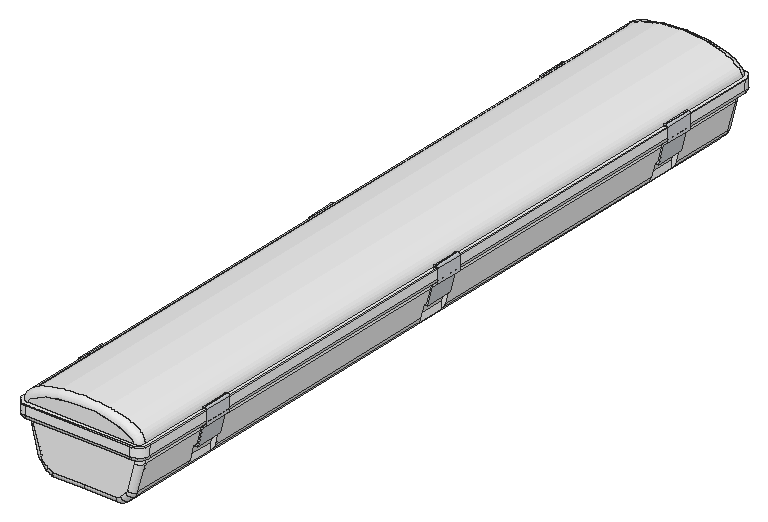
Revit family "0048736 Feilo Sylvania Lighting Fixture SYLPRF SUP LED G3 600MM S 4K QC D", category Lighting Fixtures, host Face, Revit 2016
Family settings
  Host = Face
  Part Type = Normal
  Round Connector Dimension = Use Diameter
  OmniClass Number = 23.80.70.11.14
  OmniClass Title = General Luminaries, Directional
  Cut with Voids When Loaded = No
  Light Source = Yes
  Shared = No
  Room Calculation Point = No
Parameters (values of type "0048736 SYLPRF SUP LED G3 600MM S 4K QC D")
  Width = 110 mm
  Weight = "1.12 kg"
  Wattage Comments = "n/a"
  Wattage = 14 W
  WarrantyStartDate [instance] = "n/a"
  WarrantyGuarantorParts = "n/a"
  WarrantyDurationUnit = "n/a"
  WarrantyDurationParts = "n/a"
  WarrantyDescription = "n/a"
  built-in parameter 1150110 = 1 (stored number, unit not read)
  Voltage = 230 V
  URL = "http://www.sylvania-lighting.com"
  TypeName = "SYLPRF SUP LED G3 600MM S 4K QC D"
  Type Image = <None>
  Type Comments = "n/a"
  built-in parameter 1114217 = 1 (stored number, unit not read)
  Tilt Angle = -90.00°
  built-in parameter 1150109 = 1 (stored number, unit not read)
  built-in parameter 1150134 = 12
  built-in parameter 1150113 = 1 (stored number, unit not read)
  SerialNumber [instance] = "n/a"
  ReflectorMaterial = none
  PowerFactor = 0
  PowerConsumption = "14 W"
  Photometric Web File = "0048736.ies"
  NominalWidth = 0 mm
  NominalLength = 665 mm
  NominalHeight = 78 mm
  Name = "SYLPRF SUP LED G3 600MM S 4K QC D"
  ModelReference = "SYLPRF SUP LED G3 600MM S 4K QC D"
  ModelNumber = "0048736"
  Model = "SYLPRF SUP LED G3 600MM S 4K QC D"
  Material = "grp housing, polycarbonate diffuser"
  ManufacturerName = "Feilo Sylvania"
  Manufacturer = "Feilo Sylvania"
  LuminousEfficacy = "130 lm/W"
  built-in parameter 1150105 = 144.83 (stored number, unit not read)
  Lumens = 1820 lm
  LuminaireType = ""
  built-in parameter 1150115 = 1 (stored number, unit not read)
  LightOutputRatio = "n/a"
  built-in parameter 1150137 = (empty or 0)
  built-in parameter 1150139 = (empty or 0)
  Length = 665 mm
  LampsType = Lamp  # "LED"
  LampNominalLuminous = "1850 lm"
  LampMacAdamStep = "3"
  LampColourTemperature = "4000 K"
  LampColourRenderingIndex = "80"
  built-in parameter 1150112 = 1 (stored number, unit not read)
  built-in parameter 1150114 = 1 (stored number, unit not read)
  Lamp = "LED"
  Keynote = "16500"
  InstallationDate [instance] = "n/a"
  InputVoltage = "220-240V~"
  InputNominalFrequency = "DC/50/60 Hz"
  built-in parameter 1150132 = (empty or 0)
  built-in parameter 1150102 = (empty or 0)
  built-in parameter 1150107 = 4000 (stored number, unit not read)
  built-in parameter 1150138 = (empty or 0)
  IngressProtection = "IP65"
  ImpactProtectionIndex = "IK08"
  built-in parameter 1150106 = 1.4483 (stored number, unit not read)
  IfcExportType = "IfcLightFixtureType"
  IfcExportAs = "IfcLightFixtureType"
  ExpectedLife = 50000
  Emit from Rectangle Width = Width - 20 mm  # 90 mm
  Emit from Rectangle Length = Length - 20 mm  # 645 mm
  Emit Shape Visible in Rendering = no
  ElectricShockClassification = "Class I"
  built-in parameter 1150104 = 12.077 (stored number, unit not read)
  DurationUnit = "hours"
  DocumentationLiterature = "http://www.sylvania-lighting.com/product/en-int/products/0048736"
  DimmingControlOptions = "Dimmable"
  Dimming Lamp Color Temperature Shift = <None>
  DiffuserMaterial = Diffuser-Sylvania-Transparent
  Description = "Sylproof Superia, integrated LED weatherproof luminaire with quick connector, with UV stabilized flat diffuser and linear prisms designed to achieve uniform lit appearance, optimise light output and to reduce glare, stainless steel diffuser clips and fixing brackets for surface and wall mounting. L 665 mm x W 110 mm x H 78 mm size, GRP housing, Polycarbonate diffuser, DALI dimmable, 4000K, CRI80,  1850 lm, 14 W, 130 lm/W, nominal average life (h):50000, energy class: A++ A+ A Class I, IK08, IP65."
  Default Elevation = 1219.2 mm
  CreatedOn = "3/27/2018"
  CreatedBy = "aron.fodor@feilosylvania.com"
  Cost = 0
  Color Filter = 16777215
  built-in parameter 1114216 [instance] = (empty or 0)
  ClassificationValue = "EF_70_80"
  ClassificationName = "Uniclass2015"
  BracketOffset_FEILO = 360 mm
  BodyMaterial = Body-Sylvania-Gray
  BarCode [instance] = "n/a"
  built-in parameter 1114218 = 1 (stored number, unit not read)
  built-in parameter 1150133 = 10 (stored number, unit not read)
  AssetType = "Fixed"
  AssetIdentifier [instance] = "n/a"
  Assembly Code = "D5020200"
  Apparent Load = 14 VA
  AccessoryMaterial = Diffuser-Sylvania-Glow
Reference planes
  plane 1 "Center (Front/Back)": y = 0
  plane 2: z = 0
  plane 3 "Center (Left/Right)": x = 0
  plane 4: z = 54
  plane 5: x = -27.7
  plane 6: x = -34.8
  plane 7: x = -39.6
  plane 8: x = -42.2
  plane 9: z = 3
  plane 10: z = 7.8
  plane 11: z = 12.3
  plane 12: z = 36.6
  plane 13: z = 42.8
  plane 14: x = -51.1
  plane 15: z = 46.2
  plane 16: x = -55
  plane 17: y = 332.5
  plane 18: y = -332.5
  plane 19: x = 27.7
  plane 20: x = 34.8
  plane 21: x = 39.6
  plane 22: x = 42.2
  plane 23: x = 51.1
  plane 24: x = 55
  plane 25: y = 324.9
  plane 26: y = -324.9
  plane 27: y = -321.2
  plane 28: y = 321.2
  plane 29: z = 74
  plane 30: x = -51.5
  plane 31: x = 51.5
  plane 32: z = 55.2
  plane 33: y = -329
  plane 34: y = 329
  plane 35: x = -37.5
  plane 36: x = 37.5
  plane 37: x = -48.7
  plane 38: x = 48.7
  plane 39: z = 50.2
  plane 40: z = 24.6
  plane 41: y = 720
  plane 42: y = 706
  plane 43: y = 734
  plane 44: y = 250
  plane 45: y = 236
  plane 46: y = 264
  plane 47: y = 0
  plane 48: y = -14
  plane 49: y = 14
  plane 50: y = -250
  plane 51: y = -264
  plane 52: y = -236
Forms (mm)
  Sweep 1, solid, material "Body-Sylvania-Gray" <- "BodyMaterial", detail levels medium+fine
    path origin (1223.4, -4572, 54) x (0, -1, 0) y (1, 0, 0)
      loop
        arc (-4249.5, -1278.4) -> (-4242.429, -1275.471) -> (-4239.5, -1268.4) r 10
        line (-4239.5, -1268.4) -> (-4239.5, -1178.4)
        arc (-4239.5, -1178.4) -> (-4242.429, -1171.329) -> (-4249.5, -1168.4) r 10
        line (-4249.5, -1168.4) -> (-4894.5, -1168.4)
        arc (-4894.5, -1168.4) -> (-4901.571, -1171.329) -> (-4904.5, -1178.4) r 10
        line (-4904.5, -1178.4) -> (-4904.5, -1268.4)
        arc (-4904.5, -1268.4) -> (-4901.571, -1275.471) -> (-4894.5, -1278.4) r 10
        line (-4894.5, -1278.4) -> (-4249.5, -1278.4)
    profile origin (-55, 0, 54) x (-1, 0, 0) y (0, 0, 1)
      loop
        line (0, 0) -> (-1, 0) -> (-1, -7.726)
        arc (-1, -7.726) -> (-1.994, -9.498) -> (-3.9, -10.2) r 2.937
        line (-3.9, -10.2) -> (-8.571, -10.2) -> (-8.571, -11.2) -> (-3.9, -11.2)
        arc (-3.9, -11.2) -> (-1.313, -10.231) -> (0, -7.8) r 3.937
        line (0, -7.8) -> (0, 0)
  Sweep 2, solid, material "Body-Sylvania-Gray" <- "BodyMaterial", detail levels medium+fine
    path origin (0, 0, 0) x (1, 0, 0) y (0, 0, 1)
      loop
        line (48.7, 42.8) -> (48.7, 36.6) -> (42.203, 12.31)
        arc (42.203, 12.31) -> (41.199, 9.884) -> (39.6, 7.8) r 10.052
        line (39.6, 7.8) -> (34.8, 3)
        arc (34.8, 3) -> (31.554, 0.781) -> (27.7, 0) r 9.902
        line (27.7, 0) -> (0, 0) -> (-27.7, 0)
        arc (-27.7, 0) -> (-31.554, 0.781) -> (-34.8, 3) r 9.902
        line (-34.8, 3) -> (-39.6, 7.8)
        arc (-39.6, 7.8) -> (-41.199, 9.884) -> (-42.203, 12.31) r 10.052
        line (-42.203, 12.31) -> (-48.7, 36.6) -> (-48.7, 42.8)
    profile origin (0, 0, 0) x (0, 0, -1) y (0, -1, 0)
      loop
        arc (0, 319.9) -> (-1.464, 323.436) -> (-5, 324.9) r 5
        line (-5, 324.9) -> (-7.8, 324.9) -> (-7.8, -324.9) -> (-5, -324.9)
        arc (-5, -324.9) -> (-1.464, -323.436) -> (0, -319.9) r 5
        line (0, -319.9) -> (0, 319.9)
  Extrusion 3, solid, material "Body-Sylvania-Gray" <- "BodyMaterial", detail levels medium+fine
    sketch origin (1524, 324.9, 1219.2) x (1, 0, 0) y (0, 0, 1)
      loop
        arc (-1558.668, -1204.874) -> (-1558.443, -1205.418) -> (-1558.085, -1205.885) r 2.252
        line (-1558.085, -1205.885) -> (-1553.231, -1210.738)
        arc (-1553.231, -1210.738) -> (-1552.534, -1211.227) -> (-1551.7, -1211.4) r 2.102
        line (-1551.7, -1211.4) -> (-1496.3, -1211.4)
        arc (-1496.3, -1211.4) -> (-1495.466, -1211.227) -> (-1494.769, -1210.738) r 2.102
        line (-1494.769, -1210.738) -> (-1489.915, -1205.885)
        arc (-1489.915, -1205.885) -> (-1489.557, -1205.418) -> (-1489.332, -1204.874) r 2.252
        line (-1489.332, -1204.874) -> (-1483.1, -1181.575) -> (-1483.1, -1176.4) -> (-1564.9, -1176.4) -> (-1564.9, -1181.575) -> (-1558.668, -1204.874)
    from 0 to 649.8
  Sweep 4, solid, material "Diffuser-Sylvania-Transparent" <- "DiffuserMaterial", detail levels medium+fine
    path origin (0, 0, 0) x (1, 0, 0) y (0, 0, 1)
      loop
        spline (-51.5, 55.2) -> (-49.745, 60.066) -> (-44.6, 64.6) -> (-36.416, 68.494) -> (-25.75, 71.481) -> (-13.329, 73.359) -> (0, 74) -> (13.329, 73.359) -> (25.75, 71.481) -> (36.416, 68.494) -> (44.6, 64.6) -> (49.745, 60.066) -> (51.5, 55.2)
    profile origin (51.5, 0, 55.2) x (0, -1, 0) y (1, 0, 0)
      loop
        arc (329, -5.5) -> (327.389, -1.611) -> (323.5, 0) r 5.5
        line (323.5, 0) -> (-323.5, 0)
        arc (-323.5, 0) -> (-327.389, -1.611) -> (-329, -5.5) r 5.5
        line (-329, -5.5) -> (-329, -6.3) -> (-328, -6.3) -> (-328, -5.5)
        arc (-328, -5.5) -> (-326.682, -2.318) -> (-323.5, -1) r 4.5
        line (-323.5, -1) -> (323.5, -1)
        arc (323.5, -1) -> (326.682, -2.318) -> (328, -5.5) r 4.5
        line (328, -5.5) -> (328, -6.347) -> (329, -6.347) -> (329, -5.5)
  Extrusion 5, solid, material "Diffuser-Sylvania-Transparent" <- "DiffuserMaterial", detail levels medium+fine
    sketch origin (1524, -329, 1219.2) x (1, 0, 0) y (0, 0, 1)
      loop
        line (-1569.653, -1164) -> (-1478.347, -1164)
        spline (-1478.347, -1164) -> (-1478.969, -1162.594) -> (-1482.527, -1159.545) -> (-1489.588, -1156.201) -> (-1499.458, -1153.445) -> (-1511.242, -1151.663) -> (-1524, -1151.049) -> (-1536.758, -1151.663) -> (-1548.542, -1153.445) -> (-1558.412, -1156.201) -> (-1565.473, -1159.545) -> (-1569.031, -1162.594) -> (-1569.653, -1164)
    from 0 to -1
  Extrusion 6, solid, material "Diffuser-Sylvania-Transparent" <- "DiffuserMaterial", detail levels medium+fine
    sketch origin (1524, 329, 1219.2) x (1, 0, 0) y (0, 0, 1)
      loop
        spline (-1478.3, -1164) -> (-1478.931, -1162.565) -> (-1482.502, -1159.505) -> (-1489.572, -1156.155) -> (-1499.446, -1153.394) -> (-1511.236, -1151.614) -> (-1524, -1151.007) -> (-1536.764, -1151.614) -> (-1548.554, -1153.394) -> (-1558.428, -1156.155) -> (-1565.498, -1159.505) -> (-1569.069, -1162.565) -> (-1569.7, -1164)
        line (-1569.7, -1164) -> (-1478.3, -1164)
    from 0 to 1
  Extrusion 7, solid, material "Diffuser-Sylvania-Transparent" <- "DiffuserMaterial", detail levels medium+fine
    sketch origin (1223.4, -4572, 55.2) x (0, -1, 0) y (-1, 0, 0)
      loop
        arc (-4900, 1177.4) -> (-4898.682, 1174.218) -> (-4895.5, 1172.9) r 4.5
        line (-4895.5, 1172.9) -> (-4248.5, 1172.9)
        arc (-4248.5, 1172.9) -> (-4245.318, 1174.218) -> (-4244, 1177.4) r 4.5
        line (-4244, 1177.4) -> (-4244, 1269.4)
        arc (-4244, 1269.4) -> (-4245.318, 1272.582) -> (-4248.5, 1273.9) r 4.5
        line (-4248.5, 1273.9) -> (-4895.5, 1273.9)
        arc (-4895.5, 1273.9) -> (-4898.682, 1272.582) -> (-4900, 1269.4) r 4.5
        line (-4900, 1269.4) -> (-4900, 1177.4)
      loop
        line (-4904.5, 1268.4) -> (-4904.5, 1178.4)
        arc (-4904.5, 1178.4) -> (-4901.571, 1171.329) -> (-4894.5, 1168.4) r 10
        line (-4894.5, 1168.4) -> (-4249.5, 1168.4)
        arc (-4249.5, 1168.4) -> (-4242.429, 1171.329) -> (-4239.5, 1178.4) r 10
        line (-4239.5, 1178.4) -> (-4239.5, 1268.4)
        arc (-4239.5, 1268.4) -> (-4242.429, 1275.471) -> (-4249.5, 1278.4) r 10
        line (-4249.5, 1278.4) -> (-4894.5, 1278.4)
        arc (-4894.5, 1278.4) -> (-4901.571, 1275.471) -> (-4904.5, 1268.4) r 10
    from 0 to 1.2
  Extrusion 8, solid, material "Diffuser-Sylvania-Glow" <- "AccessoryMaterial", detail levels fine
    sketch origin (0, 0, 0) x (1, 0, 0) y (0, 0, 1)
      loop
        circle (0, 50.2) r 8
    from -321.2 to 321.2
  Extrusion 9, solid, material "Body-Sylvania-Gray" <- "BodyMaterial", detail levels coarse
    sketch origin (0, 0, 0) x (1, 0, 0) y (0, 0, 1)
      loop
        line (55, 42.8) -> (55, 55.2) -> (-55, 55.2) -> (-55, 42.791) -> (-42.2, 0) -> (42.2, 0) -> (55, 42.8)
    from -332.5 to 332.5
  Extrusion 10, solid, material "Diffuser-Sylvania-Transparent" <- "DiffuserMaterial", detail levels coarse
    sketch origin (0, 0, 0) x (1, 0, 0) y (0, 0, 1)
      loop
        arc (51.5, 55.2) -> (0, 74) -> (-51.5, 55.2) r 79.939
        line (-51.5, 55.2) -> (51.5, 55.2)
    from 324.9 to -324.9
  Extrusion 11, void, not visible
    sketch origin (0, 720, 2343.807) x (0, 0, -1) y (-1, 0, 0)
      loop
        line (2340.807, -37.5) -> (2331.507, -37.5) -> (2319.207, -42.2) -> (2319.207, -48.7) -> (2340.807, -48.7) -> (2340.807, -37.5)
      loop
        line (2340.807, 37.5) -> (2340.807, 48.7) -> (2319.207, 48.7) -> (2319.207, 42.2) -> (2331.507, 37.5) -> (2340.807, 37.5)
    from -14 to 14
  Extrusion 12, void
    sketch origin (0, 250, 2343.807) x (0, 0, -1) y (-1, 0, 0)
      loop
        line (2340.807, -37.5) -> (2331.507, -37.5) -> (2319.207, -42.2) -> (2319.207, -48.7) -> (2340.807, -48.7) -> (2340.807, -37.5)
      loop
        line (2340.807, 37.5) -> (2340.807, 48.7) -> (2319.207, 48.7) -> (2319.207, 42.2) -> (2331.507, 37.5) -> (2340.807, 37.5)
    from -14 to 14
  Extrusion 13, void
    sketch origin (0, 0, 2343.807) x (0, 0, -1) y (-1, 0, 0)
      loop
        line (2340.807, -37.5) -> (2331.507, -37.5) -> (2319.207, -42.2) -> (2319.207, -48.7) -> (2340.807, -48.7) -> (2340.807, -37.5)
      loop
        line (2340.807, 37.5) -> (2340.807, 48.7) -> (2319.207, 48.7) -> (2319.207, 42.2) -> (2331.507, 37.5) -> (2340.807, 37.5)
    from -14 to 14
  Extrusion 14, void
    sketch origin (0, -250, 2343.807) x (0, 0, -1) y (-1, 0, 0)
      loop
        line (2340.807, -37.5) -> (2331.507, -37.5) -> (2319.207, -42.2) -> (2319.207, -48.7) -> (2340.807, -48.7) -> (2340.807, -37.5)
      loop
        line (2340.807, 37.5) -> (2340.807, 48.7) -> (2319.207, 48.7) -> (2319.207, 42.2) -> (2331.507, 37.5) -> (2340.807, 37.5)
    from -14 to 14
Cuts and joins
  Extrusion 12, Extrusion 13, Extrusion 14 cuts Sweep 2
  Extrusion 12, Extrusion 13, Extrusion 14 cuts Extrusion 3
  joined: Sweep 2, Extrusion 3
  joined: Sweep 4, Extrusion 5, Extrusion 6
Dimensions and locks
  locked: plane 4 to plane 2 at 54
  plane 5 to plane 6 to plane 7 to plane 8 to plane 14 to plane 16 = 7.1 mm locked, 4.8 mm locked, 2.6 mm locked, 8.9 mm, 3.9 mm
  plane 4 to plane 15 to plane 13 to plane 12 to plane 11 to plane 10 to plane 9 = 7.8 mm locked, 3.4 mm, 6.2 mm locked, 24.3 mm locked, 4.5 mm locked, 4.8 mm locked
  equal spacing: plane 18, plane 1 "Center (Front/Back)", plane 17
  "Length": plane 18 to plane 17
  plane 19 to plane 20 to plane 21 to plane 22 to plane 23 to plane 24 = 7.1 mm locked, 4.8 mm locked, 2.6 mm locked, 8.9 mm, 3.9 mm
  equal spacing: plane 24, plane 3 "Center (Left/Right)", plane 16
  "Width": plane 24 to plane 16
  equal spacing: plane 27, plane 1 "Center (Front/Back)", plane 28
  locked: plane 26 to plane 27 at 3.7
  locked: Sweep 1 sketch curve to profile plane at 1
  locked: Sweep 1 sketch curve to plane 13 at 1
  locked: Sweep 1 sketch curve to plane 13 at 3.937  (x2)
  locked: Sweep 1 sketch curve to profile plane at 3.9  (x2)
  locked: plane 29 to plane 4 at 20
  equal spacing: plane 31, plane 3 "Center (Left/Right)", plane 30
  locked: plane 30 to plane 16 at 3.5
  locked: plane 32 to plane 4 at 1.2
  equal spacing: plane 33, plane 1 "Center (Front/Back)", plane 34
  equal spacing: plane 36, plane 3 "Center (Left/Right)", plane 35
  locked: plane 3 "Center (Left/Right)" to plane 35 at 37.5
  locked: plane 34 to plane 17 at 3.5
  equal spacing: plane 38, plane 3 "Center (Left/Right)", plane 37
  locked: plane 37 to plane 16 at 6.3
  equal spacing: plane 25, plane 1 "Center (Front/Back)", plane 26
  locked: plane 17 to plane 25 at 7.6
  locked: Sweep 2 sketch curve to plane 2 at 5  (x2)
  locked: Sweep 2 sketch curve to plane 26 at 5
  locked: plane 25 to Sweep 2 sketch curve at 5
  locked: Sweep 4 sketch curve to plane 31 at 5.5  (x2)
  locked: Sweep 4 sketch curve to plane 34 at 5.5
  plane 33 to Sweep 4 sketch curve = 5.5 mm
  locked: plane 34 to Sweep 4 sketch curve at 1
  locked: Sweep 4 sketch curve to plane 31 at 1
  locked: Sweep 4 sketch curve to Sweep 4 sketch curve at 1
  locked: Sweep 4 sketch curve to plane 31 at 6.347
  locked: Sweep 4 sketch curve to plane 31 at 6.3
  locked: plane 40 to plane 2 at 24.6
  plane 43 to plane 41 to plane 42 = 14 mm locked, 14 mm locked
  plane 46 to plane 44 to plane 45 = 14 mm locked, 14 mm locked
  plane 49 to plane 47 to plane 48 = 14 mm locked, 14 mm locked
  plane 52 to plane 50 to plane 51 = 14 mm locked, 14 mm locked
  equal spacing: plane 44, plane 1 "Center (Front/Back)", plane 50
  locked: plane 44 to plane 1 "Center (Front/Back)" at 250
  aligned and locked: plane 2 to host face
  aligned and locked: level to host face
  aligned and locked: plane 16 to Sweep 1 sketch curve
  aligned and locked: Sweep 1 sketch curve to plane 24
  aligned and locked: plane 18 to Sweep 1 sketch curve
  aligned and locked: Sweep 1 sketch curve to plane 13
  aligned and locked: profile plane to Sweep 1 sketch curve
  aligned and locked: plane 3 "Center (Left/Right)" to Sweep 2 sketch curve
  aligned and locked: plane 9 to Sweep 2 sketch curve
  aligned and locked: plane 10 to Sweep 2 sketch curve
  aligned and locked: plane 37 to Sweep 2 sketch curve
  aligned and locked: plane 12 to Sweep 2 sketch curve
  aligned and locked: Sweep 2 sketch curve to level
  aligned and locked: plane 21 to Sweep 2 sketch curve
  aligned and locked: plane 38 to Sweep 2 sketch curve
  aligned and locked: profile plane to Sweep 2 sketch curve
  aligned and locked: plane 25 to Sweep 2 sketch curve
  aligned and locked: Sweep 2 sketch curve to plane 10
  aligned and locked: Extrusion 3 sketch curve to Sweep 2  (x7)
  aligned and locked: Sweep 2 to Extrusion 3 sketch curve
  aligned and locked: Extrusion 3 to plane 25
  aligned and locked: plane 26 to Extrusion 3
  aligned and locked: plane 32 to Sweep 4 sketch curve
  aligned and locked: plane 33 to Sweep 4 sketch curve
  aligned and locked: Sweep 4 to Extrusion 5
  aligned and locked: plane 33 to Extrusion 5
  aligned and locked: Extrusion 5 sketch curve to Sweep 4
  aligned and locked: cut or joined group of Sweep 4, Extrusion 5, Extrusion 6 to Extrusion 6 sketch curve
  aligned and locked: Extrusion 7 sketch curve to cut or joined group of Sweep 4, Extrusion 5, Extrusion 6  (x2)
  aligned and locked: cut or joined group of Sweep 4, Extrusion 5, Extrusion 6 to Extrusion 7 sketch curve  (x2)
  aligned and locked: plane 39 to Extrusion 8 sketch curve
  aligned and locked: plane 27 to Extrusion 8
  aligned and locked: Extrusion 8 to plane 28
  aligned and locked: Extrusion 7 sketch curve to Sweep 1  (x4)
  aligned and locked: plane 4 to Extrusion 7
  aligned and locked: Extrusion 7 to plane 32
  aligned and locked: Extrusion 9 sketch curve to plane 24
  aligned and locked: Extrusion 9 sketch curve to Extrusion 7
  aligned and locked: plane 8 to Extrusion 9 sketch curve
  aligned and locked: plane 22 to Extrusion 9 sketch curve
  aligned and locked: level to Extrusion 9 sketch curve
  aligned and locked: Extrusion 9 to plane 17
  aligned and locked: plane 18 to Extrusion 9
  aligned and locked: cut or joined group of Sweep 4, Extrusion 5, Extrusion 6 to Extrusion 10 sketch curve
  aligned and locked: Extrusion 10 sketch curve to cut or joined group of Sweep 4, Extrusion 5, Extrusion 6  (x2)
  aligned and locked: plane 31 to Extrusion 10 sketch curve
  aligned and locked: plane 30 to Extrusion 10 sketch curve
  aligned and locked: plane 26 to Extrusion 10
  aligned and locked: Extrusion 10 to plane 25
  aligned and locked: imposter light to plane 29
  aligned and locked: plane 3 "Center (Left/Right)" to imposter light
  aligned and locked: plane 1 "Center (Front/Back)" to imposter light
  aligned and locked: plane 45 to Extrusion 12
  aligned and locked: Extrusion 12 to plane 46
  aligned and locked: plane 48 to Extrusion 13
  aligned and locked: Extrusion 13 to plane 49
  aligned and locked: plane 51 to Extrusion 14
  aligned and locked: Extrusion 14 to plane 52
  aligned and locked: nested 1 to plane 44
  aligned and locked: plane 44 to nested 6
  aligned and locked: nested 2 to plane 47
  aligned and locked: plane 47 to nested 5
  aligned and locked: nested 3 to plane 50
  aligned and locked: plane 50 to nested 4
  aligned and locked: plane 47 to plane 1 "Center (Front/Back)"
  aligned and locked: plane 3 "Center (Left/Right)" to Extrusion 8 sketch curve
Automatic sketch dimensions
  host sketch curve to host sketch curve = 2438.4 mm  (x2)
  plane 17 to Sweep 1 sketch curve = 0 mm
  Sweep 1 sketch curve to plane 28 = 1.3 mm
  Sweep 1 sketch curve to plane 7 = 5.4 mm
  plane 27 to Sweep 1 sketch curve = 1.3 mm  (x2)
  Sweep 1 sketch curve to Sweep 1 sketch curve = 4.671 mm
  Sweep 1 sketch curve to plane 4 = 0 mm
  Sweep 2 sketch curve to plane 7 = 0 mm
  Sweep 2 sketch curve to plane 6 = 0 mm
  Sweep 2 sketch curve to plane 5 = 0 mm
  plane 19 to Sweep 2 sketch curve = 0 mm
  Sweep 2 sketch curve to plane 9 = 0 mm
  plane 20 to Sweep 2 sketch curve = 0 mm
  Sweep 2 sketch curve to plane 12 = 0 mm
  Sweep 2 sketch curve to plane 10 = 0 mm
  Sweep 2 sketch curve to plane 13 = 0 mm  (x2)
  Sweep 2 sketch curve to plane 8 = 0.003 mm
  plane 6 to Sweep 2 sketch curve = 2.308 mm
  plane 20 to Sweep 2 sketch curve = 2.308 mm
  Sweep 2 sketch curve to plane 22 = 0.003 mm
  Sweep 2 sketch curve to plane 11 = 0.01 mm  (x2)
  Extrusion 3 sketch curve to plane 5 = 0 mm
  plane 19 to Extrusion 3 sketch curve = 0 mm
  plane 6 to Extrusion 3 sketch curve = 0.132 mm
  plane 6 to Extrusion 3 sketch curve = 0.715 mm
  Extrusion 3 sketch curve to Extrusion 3 sketch curve = 1.592 mm
  Extrusion 3 sketch curve to plane 10 = 0.662 mm  (x2)
  plane 20 to Extrusion 3 sketch curve = 2.308 mm
  plane 20 to Extrusion 3 sketch curve = 0.715 mm
  plane 20 to Extrusion 3 sketch curve = 0.132 mm
  Sweep 4 sketch curve to plane 30 = 0 mm
  Sweep 4 sketch curve to plane 3 "Center (Left/Right)" = 0 mm
  Sweep 4 sketch curve to Sweep 4 sketch curve = 0 mm  (x2)
  plane 37 to Extrusion 5 sketch curve = 3.047 mm
  Extrusion 5 sketch curve to plane 38 = 3.047 mm
  plane 37 to Extrusion 6 sketch curve = 3 mm
  Extrusion 6 sketch curve to plane 38 = 3 mm
  plane 25 to Extrusion 7 sketch curve = 1.4 mm  (x2)
  Extrusion 7 sketch curve to plane 26 = 1.4 mm  (x2)
  Extrusion 9 sketch curve to plane 13 = 0 mm
  plane 13 to Extrusion 9 sketch curve = 0.009 mm
  Extrusion 10 sketch curve to level = 5.939 mm
  Extrusion 9 sketch curve to plane 16 = 0 mm
  Extrusion 11 sketch curve to Extrusion 11 sketch curve = 0 mm
  Extrusion 11 sketch curve to Extrusion 11 sketch curve = 12.3 mm  (x2)
  Extrusion 11 sketch curve to Extrusion 11 sketch curve = 9.3 mm  (x2)
  Extrusion 11 sketch curve to Extrusion 11 sketch curve = 6.5 mm
  Extrusion 11 sketch curve to Extrusion 11 sketch curve = 4.7 mm  (x2)
  Extrusion 11 sketch curve to Extrusion 11 sketch curve = 75 mm
  Extrusion 11 sketch curve to Extrusion 11 sketch curve = 11.2 mm
  Extrusion 12 sketch curve to Extrusion 12 sketch curve = 0 mm
  Extrusion 12 sketch curve to Extrusion 12 sketch curve = 12.3 mm  (x2)
  Extrusion 12 sketch curve to Extrusion 12 sketch curve = 9.3 mm  (x2)
  Extrusion 12 sketch curve to Extrusion 12 sketch curve = 6.5 mm
  Extrusion 12 sketch curve to Extrusion 12 sketch curve = 4.7 mm  (x2)
  Extrusion 12 sketch curve to Extrusion 12 sketch curve = 75 mm
  Extrusion 12 sketch curve to Extrusion 12 sketch curve = 11.2 mm
  Extrusion 13 sketch curve to Extrusion 13 sketch curve = 0 mm
  Extrusion 13 sketch curve to Extrusion 13 sketch curve = 12.3 mm  (x2)
  Extrusion 13 sketch curve to Extrusion 13 sketch curve = 9.3 mm  (x2)
  Extrusion 13 sketch curve to Extrusion 13 sketch curve = 6.5 mm
  Extrusion 13 sketch curve to Extrusion 13 sketch curve = 4.7 mm  (x2)
  Extrusion 13 sketch curve to Extrusion 13 sketch curve = 75 mm
  Extrusion 13 sketch curve to Extrusion 13 sketch curve = 11.2 mm
  Extrusion 14 sketch curve to Extrusion 14 sketch curve = 0 mm
  Extrusion 14 sketch curve to Extrusion 14 sketch curve = 12.3 mm  (x2)
  Extrusion 14 sketch curve to Extrusion 14 sketch curve = 9.3 mm  (x2)
  Extrusion 14 sketch curve to Extrusion 14 sketch curve = 6.5 mm
  Extrusion 14 sketch curve to Extrusion 14 sketch curve = 4.7 mm  (x2)
  Extrusion 14 sketch curve to Extrusion 14 sketch curve = 75 mm
  Extrusion 14 sketch curve to Extrusion 14 sketch curve = 11.2 mm
  radius of Extrusion 8 sketch curve = 8 mm
Nested families
  nested 1: "Clip" at (-42.2, 250, 24.6) x (-1, 0, 0) z (0, 0, 1), type "Clip", detail levels fine
  nested 2: "Clip" at (-42.2, 0, 24.6) x (-1, 0, 0) z (0, 0, 1), type "Clip", detail levels fine
  nested 3: "Clip" at (-42.2, -250, 24.6) x (-1, 0, 0) z (0, 0, 1), type "Clip", detail levels fine
  nested 4: "Clip" at (42.2, -250, 24.6), type "Clip", detail levels fine
  nested 5: "Clip" at (42.2, 0, 24.6), type "Clip", detail levels fine
  nested 6: "Clip" at (42.2, 250, 24.6), type "Clip", detail levels fine
Connectors
  electrical at (0, 0, 0), driven by "Apparent Load"
    settings: index 1, voltage 230 V, apparent load 14 VA, apparent load phase1 0 VA, apparent load phase2 0 VA, apparent load phase3 0 VA, power factor 0, load classification "Lighting", number of poles 1, system type 30, power factor state 1, is connector primary yes, connector utility no, sub classification motor no, connector description ""
Definition of nested family "Clip"
  Parameters (values of type "Clip")
    URL = "http://www.feilosylvania.com"
    Type Comments = "n/a"
    Model = "n/a"
    Manufacturer = "Feilo Sylvania"
    Keynote = "n/a"
    Description = "n/a"
    Default Elevation = 1219.2 mm
    Cost = 0
    BodyMaterial = none
    Assembly Code = "n/a"
  Reference planes
    plane 1 "Center (Front/Back)": y = 0
    plane 2: z = 0
    plane 3 "Center (Left/Right)": x = 0
    plane 4: x = 3.3
    plane 5: x = 6.5
    plane 6: x = 8.9
    plane 7: x = 12.8
    plane 8: z = 12
    plane 9: z = 18.2
    plane 10: z = 21.6
    plane 11: z = 30.6
    plane 12: x = 9.3
    plane 13: z = 19.2
    plane 14: z = 16.2
    plane 15: x = 10.1
    plane 16: y = 12
    plane 17: y = -12
  Forms (mm)
    Extrusion 1, solid
      sketch origin (-0.8, 0, 0) x (1, 0, 0) y (0, 1, 0)
        loop
          line (-1219.2, 1219.2) -> (-1219.2, -1219.2) -> (1219.2, -1219.2) -> (1219.2, 1219.2) -> (-1219.2, 1219.2)
      from 0 to -304.8
    Extrusion 2, solid
      sketch origin (0, 0, 0) x (1, 0, 0) y (0, 0, 1)
        loop
          line (8.9, 16.2) -> (4.58, 0) -> (0, 0) -> (0, -0.8) -> (5.195, -0.8) -> (9.603, 15.731) -> (13.6, 18.806) -> (13.6, 30.6)
          arc (13.6, 30.6) -> (11.45, 32.75) -> (9.3, 30.6) r 2.15
          line (9.3, 30.6) -> (10.1, 30.6)
          arc (10.1, 30.6) -> (11.45, 31.95) -> (12.8, 30.6) r 1.35
          line (12.8, 30.6) -> (12.8, 19.2) -> (8.9, 16.2)
      from -12 to 12
  Lines and regions (mm)
    reference lines
      curve 1: line (3.3, 0, 0) -> (6.5, 0, 12)
      curve 2: arc (8.9, 0, 18.2) -> (11.488, 0, 19.169) -> (12.8, 0, 21.6) r 3.934
  Dimensions and locks
    plane 7 to plane 6 to plane 5 to plane 4 to plane 3 "Center (Left/Right)" = 3.9 mm locked, 2.4 mm locked, 3.2 mm locked, 3.3 mm locked
    plane 11 to plane 10 to plane 9 to plane 8 to plane 2 = 9 mm locked, 3.4 mm locked, 6.2 mm locked, 12 mm locked
    locked: plane 7 to plane 12 at 3.5
    locked: plane 13 to plane 9 at 1
    locked: plane 9 to plane 14 at 2
    locked: plane 15 to plane 12 at 0.8
    locked: plane 2 to Extrusion 2 sketch curve at 0.8
    locked: Extrusion 2 sketch curve to Extrusion 2 sketch curve at 0.8  (x3)
    locked: plane 7 to Extrusion 2 sketch curve at 1.35
    equal spacing: plane 17, plane 1 "Center (Front/Back)", plane 16
    locked: plane 1 "Center (Front/Back)" to plane 16 at 12
    aligned and locked: plane 2 to Extrusion 1
    aligned and locked: level to Extrusion 1
    aligned and locked: plane 4 to curve 1
    aligned and locked: plane 5 to curve 1
    aligned and locked: plane 6 to curve 2
    aligned and locked: plane 10 to curve 2
    aligned and locked: plane 14 to Extrusion 2 sketch curve
    aligned and locked: plane 13 to Extrusion 2 sketch curve
    aligned and locked: plane 7 to Extrusion 2 sketch curve
    aligned and locked: plane 3 "Center (Left/Right)" to Extrusion 2 sketch curve
    aligned and locked: Extrusion 2 sketch curve to level
    aligned and locked: Extrusion 2 sketch curve to plane 11
    aligned and locked: plane 11 to Extrusion 2 sketch curve
    aligned and locked: Extrusion 2 to plane 16
    aligned and locked: plane 17 to Extrusion 2
  Automatic sketch dimensions
    Extrusion 1 sketch curve to Extrusion 1 sketch curve = 2438.4 mm  (x2)
    curve 2 to plane 7 = 0 mm
    curve 1 to level = 0 mm
    curve 1 to plane 8 = 0 mm
    curve 2 to plane 9 = 0 mm
    plane 6 to curve 2 = 0.002 mm
    Extrusion 2 sketch curve to Extrusion 2 sketch curve = 0 mm
    Extrusion 2 sketch curve to plane 6 = 0 mm
    plane 4 to Extrusion 2 sketch curve = 1.28 mm
